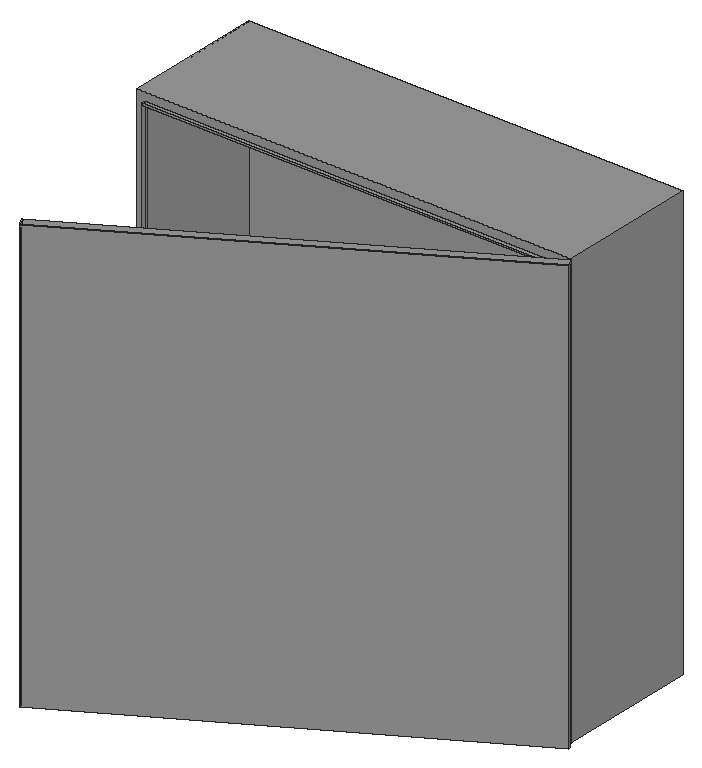
Revit family "Hager-Univers-IP55-D275-H800-Cl.II-Steel_encl-NoHosted-CH-fr", category Electrical Equipment, Revit 2020
Family settings
  Panel Configuration = Two Columns, Circuits Across
  Round Connector Dimension = Use Diameter
  Part Type = Panelboard
  Work Plane-Based = Yes
  Always vertical = Yes
  Cut with Voids When Loaded = No
  Shared = No
  Room Calculation Point = No
Parameters (values of type "saillie IP55 L800 H800 P275  - FR53S")
  Width Control [instance] = if([EF000008 - largeur] > Min Width, [EF000008 - largeur], Min Width)  # 800 mm
  Type Comments = [HG000003 - Gamme]  # "Univers"
  Thickness Door [instance] = if([EF009171 - épaisseur de matériau de la porte/du couvercle] > 3 mm, 3 mm, [EF009171 - épaisseur de matériau de la porte/du couvercle])  # 1.5 mm
  Seal Frame Offset [instance] = 17 mm  # constant formula
  Plinth Visibility [instance] = [HG000027 - Hauteur du socle] > 0 mm  # no
  Min Width [instance] = 100 mm  # constant formula
  Min Depth [instance] = (2 * [EF009170 - épaisseur de matériau du boîtier]) + 1 mm  # 4 mm
  Min Height [instance] = 100 mm  # constant formula
  Internal Frame Depth [instance] = (Door System Depth * 0.5)  # 9 mm
  Panel Name [instance] = ""  # (empty or 0)
  Model = ""
  HG000027 - Hauteur du socle = 0 mm
  HG000026 - Installation au sol = no
  HG000024 - Hauteur de la section basse = 600 mm
  HG000023 - Armoire double section = no
  HG000016 - Visibilité de la porte 3D [instance] = yes
  HG000015 - Visibilité de l'emprise de la porte [instance] = no
  HG000014 - Porte à droite [instance] = yes
  HG000013 - Porte à gauche [instance] = not([HG000014 - Porte à droite])  # no
  HG000012 - Angle de pivotement de la porte [instance] = 30.00°
  HG000010 - Portes asymétriques = no
  HG000009 - Porte à double battant = no
  HG000006 - Encastré = no
  HG000004 - Référence fabricant = "FR53S"
  HG000003 - Gamme = "Univers"
  HG000002 - avec porte = yes
  Frame Offset Bottom [instance] = 10 mm  # constant formula
  Frame Offset [instance] = 15 mm  # constant formula
  EF015940 - couvercle avec décharge de pression = no
  EF011959 - degré de protection (NEMA) = ""
  EF009554 - nombre d'ouvertures pour plaques à bride = 6
  EF009212 - finition du couvercle = "EV000116 - fermé"
  EF009171 - épaisseur de matériau de la porte/du couvercle = 1.5 mm
  EF009170 - épaisseur de matériau du boîtier = 1.5 mm
  EF008873 - courant nominal (In) = 800 A
  EF007800 - adapté à un parafoudre = no
  EF006306 - avec serrure = no
  EF006244 - couvercle/porte transparent(e) = no
  EF005474 - indice de protection (IP) = "EV006420 - IP55"
  EF004464 - type de porte = "EV002646 - unique"
  EF004427 - nombre de modules = 180
  EF004293 - indice de protection contre les chocs (IK) = "EV008784 - IK10"
  EF003532 - convient pour utilisation à l’extérieur = no
  EF002950 - largeur en nombre de modules = 24
  EF001613 - maintien de fonction = "EV000494 - sans"
  EF001596 - matériau du boîtier/corps = "EV000179 - acier"
  EF001131 - profondeur intérieure = 275 mm
  EF001088 - possibilité de montage en saillie = yes
  EF000437 - nombre d'entrées de conduit = 6
  EF000339 - type de capot = "EV004216 - porte"
  EF000266 - nombre de rangées = 5
  EF000218 - profondeur d'encastrement = 0 mm
  EF000118 - avec cadre/support de montage = no
  EF000116 - numéro RAL = "7035"
  EF000049 - profondeur = 275 mm
  EF000040 - hauteur = 800 mm
  EF000008 - largeur = 800 mm
  EF000007 - couleur = "EV000270 - gris"
  EF000003 - mode de pose = "EV000384 - saillie"
  Door System Leaf Tolerance [instance] = 1.5 mm  # constant formula
  Door System Depth [instance] = 18 mm  # constant formula
  Door Height [instance] = Height Control - [HG000027 - Hauteur du socle]  # 800 mm
  Description = ""
  Default Elevation = 1219.2 mm
  Connector Offset [instance] = Height Control / 2  # 400 mm
  Manufacturer = "Hager"  # constant formula
  Height Control [instance] = if([EF000040 - hauteur] > Min Height, [EF000040 - hauteur], Min Height)  # 800 mm
  Depth Control [instance] = if([EF000049 - profondeur] > Min Depth, [EF000049 - profondeur], Min Depth)  # 275 mm
  Bottom Top Plate Trim [instance] = 1.5 mm  # constant formula
  Plinth height Ctrl [instance] = if([HG000027 - Hauteur du socle] > 0 mm, [HG000027 - Hauteur du socle], 12 mm)  # 12 mm
Types (5, lengths in mm): name | Width Control | HG000010 - Portes asymétriques | HG000009 - Porte à double battant | HG000004 - Référence fabricant | EF009554 - nombre d'ouvertures pour plaques à bride | EF004464 - type de porte | EF004427 - nombre de modules | EF000437 - nombre d'entrées de conduit | EF000008 - largeur
  saillie IP55 L1050 H800 P275  - FR54S | 1050 | no | yes | "FR54S" | 8 | "EV003602 - double" | 240 | 8 | 1050
  saillie IP55 L1300 H800 P275  - FR55S | 1300 | yes | yes | "FR55S" | 10 | "EV003602 - double" | 300 | 10 | 1300
  saillie IP55 L300 H800 P275  - FR51S | 300 | no | no | "FR51S" | 2 | "EV002646 - unique" | 60 | 2 | 300
  saillie IP55 L550 H800 P275  - FR52S | 550 | no | no | "FR52S" | 4 | "EV002646 - unique" | 120 | 4 | 550
  saillie IP55 L800 H800 P275  - FR53S | 800 | no | no | "FR53S" | 6 | "EV002646 - unique" | 180 | 6 | 800
Reference planes
  plane 1 "Center (Front/Back)": y = 0
  plane 2: z = 0
  plane 3 "Center (Left/Right)": x = 0
  plane 4: y = 0
  plane 5: y = 0
  plane 6: z = 0
  plane 7: x = -400
  plane 8: x = 400
  plane 9: x = 398.5
  plane 10: x = -398.5
  plane 11: z = 0
  plane 12: z = 1.5
  plane 13: y = -275
  plane 14: y = -1.5
  plane 15: x = 0
  plane 16: y = -257
  plane 17: y = -273.5
  plane 18: y = -255.5
  plane 19: x = -383.5
  plane 20: x = 383.5
  plane 21: z = 11.5
  plane 22: x = -383
  plane 23: x = 383
  plane 24: z = 0
  plane 25: z = 800
  plane 26: z = 800
  plane 27: z = 783.5
  plane 28: z = 798.5
Forms (mm)
  Extrusion 1, solid, material "Hager_Steel_RAL7035_Light_Grey", detail levels medium+fine
    sketch origin (-208.679, -4572, 0) x (-1, 0, 0) y (0, -1, 0)
      loop
        line (191.321, -4315) -> (-608.679, -4315) -> (-608.679, -4572) -> (191.321, -4572) -> (191.321, -4315)
    from 0 to 800
  Extrusion 2, void
    sketch origin (-350.771, -275, 1219.2) x (1, 0, 0) y (0, 0, 1)
      loop
        line (-47.729, -420.7) -> (-47.729, -1217.7) -> (749.271, -1217.7) -> (749.271, -420.7) -> (-47.729, -420.7)
    from -19.5 to -273.5
  Extrusion 3, void
    sketch origin (-290.084, -257, 1219.2) x (1, 0, 0) y (0, 0, 1)
      loop
        line (-93.416, -1207.7) -> (673.584, -1207.7) -> (673.584, -435.7) -> (-93.416, -435.7) -> (-93.416, -1207.7)
    from 0 to -1.5
  Extrusion 4, solid, material "Hager_Steel_RAL7035_Light_Grey", visible <- "Plinth Visibility", detail levels medium+fine
    sketch origin (0, 0, 0) x (1, 0, 0) y (0, 1, 0)
      loop
        line (-400, 0) -> (-400, -257) -> (400, -257) -> (400, 0) -> (-400, 0)
    from 0 to 12 <- "Plinth height Ctrl"
  Extrusion 5, solid, material "Hager_Steel_RAL7035_Light_Grey", detail levels coarse
    sketch origin (0, 0, 0) x (1, 0, 0) y (0, 1, 0)
      loop
        line (-400, 0) -> (-400, -275) -> (400, -275) -> (400, 0) -> (-400, 0)
    from 0 to 800 <- "Height Control"
  Sweep 6, void
    path in 3D
      loop
        line (-400, -257, 12) -> (400, -257, 12) -> (400, 0, 12) -> (-400, 0, 12) -> (-400, -257, 12)
    profile origin (-400, -128.5, 12) x (1, 0, 0) y (0, 0, 1)
      loop
        line (0, 0) -> (0, -1.5) -> (1.5, -1.5)
        arc (1.5, -1.5) -> (1.061, -0.439) -> (0, 0) r 1.5
  Extrusion 7, solid, material "Hager_Steel_RAL7035_Light_Grey", detail levels fine
    sketch origin (-400, -257, 0) x (1, 0, 0) y (0, 0, 1)
      loop
        line (16.5, 11.5) -> (783.5, 11.5) -> (783.5, 783.5) -> (16.5, 783.5) -> (16.5, 11.5)
      loop
        line (15, 10) -> (785, 10) -> (785, 785) -> (15, 785) -> (15, 10)
    from 0 to 9 <- "Internal Frame Depth"
Cuts and joins
  Extrusion 2, Extrusion 3 cuts Extrusion 1
  Sweep 6 cuts Extrusion 4
Lines and regions (mm)
  Masking region 1
    outline origin (0, 0, 0) x (1, 0, 0) y (0, 1, 0)
      loop
        line (-400, 0) -> (-400, -275) -> (400, -275) -> (400, 0) -> (-400, 0)
  Masking region 2, detail levels coarse
    outline origin (-290.084, -257, 1219.2) x (-1, 0, 0) y (0, 0, 1)
      loop
        line (-690.084, -1219.2) -> (109.916, -1219.2) -> (109.916, -419.2) -> (-690.084, -419.2) -> (-690.084, -1219.2)
  Masking region 3, detail levels coarse
    outline origin (0, 0, 0) x (0, 1, 0) y (0, 0, 1)
      loop
        line (0, 0) -> (0, 800) -> (-275, 800) -> (-275, 0) -> (0, 0)
  Masking region 4, visible <- "Plinth Visibility", detail levels medium+fine
    outline origin (0, 0, 0) x (0, 1, 0) y (0, 0, 1)
      loop
        line (-1.5, 12) -> (-255.5, 12)
        arc (-255.5, 12) -> (-255.939, 10.939) -> (-257, 10.5) r 1.5
        line (-257, 10.5) -> (-257, 0) -> (0, 0) -> (0, 10.5)
        arc (0, 10.5) -> (-1.061, 10.939) -> (-1.5, 12) r 1.5
  Masking region 5, detail levels medium+fine
    outline origin (0, 0, 594.038) x (0, 1, 0) y (0, 0, 1)
      loop
        line (0, -594.038) -> (0, 205.962) -> (-257, 205.962) -> (-257, -594.038) -> (0, -594.038)
  Masking region 6, detail levels medium+fine
    outline origin (-359.7, -257, 1211.883) x (-1, 0, 0) y (0, 0, 1)
      loop
        line (-759.7, -1211.883) -> (40.3, -1211.883) -> (40.3, -411.883) -> (-759.7, -411.883) -> (-759.7, -1211.883)
  Masking region 7, visible <- "Plinth Visibility", detail levels medium+fine
    outline origin (-320.334, -257, 1041.368) x (-1, 0, 0) y (0, 0, 1)
      loop
        line (-720.334, -1041.368) -> (79.666, -1041.368) -> (79.666, -1030.868)
        arc (79.666, -1030.868) -> (78.606, -1030.429) -> (78.166, -1029.368) r 1.5
        line (78.166, -1029.368) -> (-718.834, -1029.368)
        arc (-718.834, -1029.368) -> (-719.273, -1030.429) -> (-720.334, -1030.868) r 1.5
        line (-720.334, -1030.868) -> (-720.334, -1041.368)
  sketch lines
    curve 1: line (-400, 0, 12) -> (-400, -257, 12)
    curve 2: line (-400, -257, 12) -> (400, -257, 12)
    curve 3: line (400, 0, 12) -> (-400, 0, 12)
    curve 4: line (400, -257, 12) -> (400, 0, 12)
Dimensions and locks
  locked: plane 1 "Center (Front/Back)" to plane 5
  "EF009170 - épaisseur de matériau du boîtier": plane 7 to plane 10
  "EF009170 - épaisseur de matériau du boîtier": plane 8 to plane 9
  equal spacing: plane 7, plane 3 "Center (Left/Right)", plane 8
  "Width Control": plane 7 to plane 8
  "Depth Control": plane 4 to plane 13
  "EF009170 - épaisseur de matériau du boîtier": plane 4 to plane 14
  "Height Control": plane 25 to level
  "HG000027 - Hauteur du socle": plane 11 to level
  "EF009170 - épaisseur de matériau du boîtier": plane 12 to plane 11
  "EF009170 - épaisseur de matériau du boîtier": plane 17 to plane 13
  "EF009170 - épaisseur de matériau du boîtier": plane 18 to plane 16
  "Frame Offset Bottom": plane 21 to plane 12
  "Frame Offset": plane 10 to plane 19
  "Frame Offset": plane 9 to plane 20
  "Door System Depth": plane 16 to plane 13
  "Seal Frame Offset": plane 7 to plane 22
  "Seal Frame Offset": plane 8 to plane 23
  "EF009170 - épaisseur de matériau du boîtier": plane 26 to plane 28
  "Frame Offset": plane 28 to plane 27
  "Connector Offset": plane 2 to connector elem
  "Bottom Top Plate Trim": profile plane to Sweep 6 sketch curve
  "Bottom Top Plate Trim": Sweep 6 sketch curve to Sweep 6 sketch curve
  "Plinth height Ctrl": Masking region 4 sketch curve to level
  "Plinth height Ctrl": Masking region 7 sketch curve to level
  "Thickness Door": Extrusion 7 sketch curve to Extrusion 7 sketch curve  (x4)
  "Bottom Top Plate Trim": radius of Sweep 6 sketch curve
  "Bottom Top Plate Trim": radius of Masking region 4 sketch curve  (x2)
  "Bottom Top Plate Trim": radius of Masking region 7 sketch curve  (x2)
  aligned and locked: Extrusion 2 sketch curve to plane 12
  aligned and locked: Extrusion 2 sketch curve to plane 9
  aligned and locked: Extrusion 2 sketch curve to plane 10
  aligned and locked: Extrusion 2 to plane 14
  aligned and locked: Extrusion 1 sketch curve to plane 4
  aligned and locked: plane 8 to Extrusion 1 sketch curve
  aligned and locked: plane 7 to Extrusion 1 sketch curve
  aligned and locked: Extrusion 2 to plane 18
  aligned and locked: Extrusion 3 sketch curve to plane 19
  aligned and locked: plane 20 to Extrusion 3 sketch curve
  aligned and locked: Extrusion 3 to Extrusion 2
  aligned and locked: Extrusion 3 sketch curve to plane 21
  aligned and locked: plane 3 "Center (Left/Right)" to nested 1
  aligned and locked: Extrusion 1 sketch curve to plane 16
  aligned and locked: Extrusion 4 sketch curve to cut or joined group of Extrusion 1, Extrusion 2, Extrusion 3
  aligned and locked: Masking region 1 sketch curve to plane 7
  aligned and locked: Masking region 1 sketch curve to plane 5
  aligned and locked: Masking region 1 sketch curve to plane 8
  aligned and locked: Masking region 2 sketch curve to level
  aligned and locked: level to Masking region 3 sketch curve
  aligned and locked: plane 1 "Center (Front/Back)" to Masking region 3 sketch curve
  aligned and locked: plane 13 to Masking region 3 sketch curve
  aligned and locked: plane 5 to Masking region 4 sketch curve
  aligned and locked: Masking region 2 sketch curve to plane 8
  aligned and locked: Masking region 2 sketch curve to plane 7
  aligned and locked: plane 7 to nested 2
  aligned and locked: nested 2 to plane 5
  aligned and locked: plane 5 to Masking region 5 sketch curve
  aligned and locked: plane 26 to Masking region 5 sketch curve
  aligned and locked: Extrusion 5 sketch curve to plane 8
  aligned and locked: Extrusion 5 sketch curve to plane 7
  aligned and locked: Extrusion 5 sketch curve to plane 5
  aligned and locked: Extrusion 3 sketch curve to plane 27
  aligned and locked: Extrusion 2 sketch curve to plane 28
  aligned and locked: Masking region 2 to plane 25
  aligned and locked: Extrusion 4 to plane 16
  aligned and locked: profile plane to Sweep 6 sketch curve
  aligned and locked: Masking region 5 sketch curve to plane 24
  aligned and locked: level to Masking region 4 sketch curve
  aligned and locked: Masking region 1 to plane 13
  aligned and locked: nested 1 to plane 16
  aligned and locked: Masking region 3 to plane 25
  aligned and locked: plane 16 to Masking region 4 sketch curve
  aligned and locked: Masking region 5 sketch curve to plane 16
  aligned and locked: plane 24 to plane 11
  aligned and locked: plane 26 to plane 25
  aligned and locked: plane 26 to cut or joined group of Extrusion 1, Extrusion 2, Extrusion 3
  aligned and locked: nested 1 to plane 24
  aligned and locked: Extrusion 1 to Extrusion 3
  aligned and locked: Masking region 6 sketch curve to plane 8
  aligned and locked: Masking region 6 sketch curve to plane 24
  aligned and locked: Masking region 6 sketch curve to plane 7
  aligned and locked: Masking region 6 sketch curve to plane 26
  aligned and locked: Masking region 7 sketch curve to plane 7
  aligned and locked: level to Masking region 7 sketch curve
  aligned and locked: Masking region 7 sketch curve to plane 8
  aligned and locked: Extrusion 7 sketch curve to cut or joined group of Extrusion 1, Extrusion 2, Extrusion 3  (x4)
Automatic sketch dimensions
  plane 19 to Extrusion 3 sketch curve = 0 mm
  Extrusion 3 sketch curve to plane 20 = 0 mm
  Extrusion 3 sketch curve to plane 21 = 0 mm
  Extrusion 4 sketch curve to plane 7 = 0 mm
  Extrusion 4 sketch curve to plane 8 = 0 mm
  Extrusion 4 sketch curve to plane 16 = 0 mm
  Masking region 1 sketch curve to plane 13 = 0 mm
  Masking region 2 sketch curve to plane 25 = 0 mm
  Masking region 3 sketch curve to plane 25 = 0 mm
  Extrusion 5 sketch curve to plane 13 = 0 mm
  profile plane to Sweep 6 sketch curve = 0 mm
Nested families
  nested 1: "EC000058_Univers_Door" at (0, -257, 0), Double <- "HG000009 - Porte à double battant", Transparent <- "EF006244 - couvercle/porte transparent(e)", Angle <- "HG000012 - Angle de pivotement de la porte", Door_Right <- "HG000014 - Porte à droite", Assymetrical <- "HG000010 - Portes asymétriques", Door <- "HG000002 - avec porte", Width_Ctrl <- "Width Control", 3d_Door <- "HG000016 - Visibilité de la porte 3D", Clearance <- "HG000015 - Visibilité de l'emprise de la porte", Door_Left <- "HG000013 - Porte à gauche", Width <- "Width Control", Door_Depth <- "Door System Depth", Leaf_Tolerance <- "Door System Leaf Tolerance", Height <- "Door Height", Lock_Visibility <- "EF006306 - avec serrure", Thickness <- "Thickness Door", type "EC000058_Univers_Door", detail levels medium+fine
    with min_wh 4 mm, Width_Ctrl 800 mm, Width 800 mm, Transparent no, Thickness 1.5 mm, Seal_Material Hager_Rubber, Lock_Visibility no, Lock_Material Hager_Plastic_RAL9005_Jet_Black, Leaf_Width 800 mm, Leaf_Tolerance_External_Sides 0 mm, Leaf_Tolerance 1.5 mm, Leaf_Offset 0 mm, Leaf_Height 797 mm, Leaf_2_Width 800 mm, Leaf_2_Offset 400 mm, Leaf_1_Width 800 mm, Leaf_1_Offset 400 mm, Height_Ctrl 800 mm, Height 800 mm, Glass_Material Hager_Glass, Double_Clearance_Ctrl no, Double no, Door_Right_Ctrl yes, Door_Right yes, Door_Material Hager_Steel_RAL7035_Light_Grey, Door_Left_Ctrl no, Door_Left no, Door_Depth 18 mm, Door yes, Clearance_Material Hager_Clearance, Clearance_Depth 800 mm, Clearance_Ctrl no, Clearance no, Assymetrical no, Angle 30.00°, 3d_Door yes
  nested 2: "Hager_Enclosure_Symbol" at (-400, 0, 0), Height <- "Depth Control", Width <- "Width Control", type "Hager_Enclosure_Symbol"
    with Width_Ctrl 800 mm, Width 800 mm, Height_Ctrl 275 mm, Height 275 mm, A_Width_Int 18.047 mm, A_Width 216.562 mm, A_Height_Ctrl 240.625 mm, A_Height 240.625 mm
Connectors
  electrical at (0, 0, 400)
    settings: on plane 1 "Center (Front/Back)", index 1, voltage 0 V, apparent load 0 VA, apparent load phase1 0 VA, apparent load phase2 0 VA, apparent load phase3 0 VA, power factor 1, load classification "Other", number of poles 1, system type 30, power factor state 1, is connector primary yes, connector utility no, sub classification motor no, connector description ""
Definition of nested family "EC000058_Univers_Door"
  Parameters (values of type "EC000058_Univers_Door")
    min_wh [instance] = (2 * Thickness) + 1 mm  # 11 mm
    Width_Ctrl [instance] = 400 mm
    Width [instance] = 500 mm
    Transparent [instance] = yes
    Thickness [instance] = 5 mm
    Seal_Material [instance] = none
    Lock_Visibility [instance] = yes
    Lock_Material [instance] = none
    Leaf_Width [instance] = if((Width_Ctrl - 2 * Leaf_Tolerance_External_Sides) > 0 mm, (Width_Ctrl - 2 * Leaf_Tolerance_External_Sides), min_wh)  # 400 mm
    Leaf_Tolerance_External_Sides [instance] = 0 mm  # constant formula
    Leaf_Tolerance [instance] = 1.5 mm
    Leaf_Offset [instance] = 0 mm  # constant formula
    Leaf_Height [instance] = if((Height_Ctrl - 2 * Leaf_Tolerance) > 0 mm, (Height_Ctrl - 2 * Leaf_Tolerance), min_wh)  # 497 mm
    Leaf_2_Width [instance] = if(and(and(Double, Assymetrical), Door_Left), (Leaf_Width / 3) - (Leaf_Tolerance / 2), if(and(and(Double, Assymetrical), Door_Right), (Leaf_Width / 3) * 2 - (Leaf_Tolerance / 2), if(and(Double, not(Assymetrical)), (Leaf_Width / 2) - Leaf_Tolerance, Leaf_Width)))  # 400 mm
    Leaf_2_Offset [instance] = if(and(Double, Assymetrical), Leaf_2_Width / 2, if(and(Double, not(Assymetrical)), Leaf_Width / 4, Leaf_Width / 2))  # 200 mm
    Leaf_1_Width [instance] = if(and(and(Double, Assymetrical), Door_Right), (Leaf_Width / 3) - (Leaf_Tolerance / 2), if(and(and(Double, Assymetrical), Door_Left), (Width / 3) * 2 - (Leaf_Tolerance / 2), if(and(Double, not(Assymetrical)), (Leaf_Width / 2) - Leaf_Tolerance, Leaf_Width)))  # 400 mm
    Leaf_1_Offset [instance] = if(and(Double, Assymetrical), Leaf_1_Width / 2, if(and(Double, not(Assymetrical)), Leaf_Width / 4, Leaf_Width / 2))  # 200 mm
    Height_Ctrl [instance] = if(Height > min_wh, Height, min_wh)  # 500 mm
    Height [instance] = 500 mm
    Glass_Material [instance] = none
    Double_Clearance_Ctrl [instance] = and(Double, Clearance)  # no
    Double [instance] = no
    Door_Right_Ctrl [instance] = and(or(Door_Right, Double), Door)  # yes
    Door_Right [instance] = yes
    Door_Material [instance] = none
    Door_Left_Ctrl [instance] = and(or(Door_Left, Double), Door)  # no
    Door_Left [instance] = no
    Door_Depth [instance] = 30 mm
    Door [instance] = yes
    Default Elevation = 1219.2 mm
    Clearance_Material [instance] = none
    Clearance_Depth [instance] = if(Leaf_1_Width > Leaf_2_Width, Leaf_1_Width, Leaf_2_Width)  # 400 mm
    Clearance_Ctrl [instance] = and(not(Double), Clearance)  # yes
    Clearance [instance] = yes
    Assymetrical [instance] = yes
    Angle [instance] = 30.00°
    3d_Door [instance] = yes
  Reference planes
    plane 1 "Center (Front/Back)": y = 0
    plane 2 "Bottom": z = 0
    plane 3 "Center (Left/Right)": x = 0
    plane 4: z = 500
    plane 5: x = -200
    plane 6: x = 200
    plane 7: z = 500
    plane 8: x = -200
    plane 9: z = 0
    plane 10: x = 200
    plane 11: y = 0
    plane 12: z = 1.5
    plane 13: x = -600
    plane 14: y = -400
    plane 15: x = 600
    plane 16: x = 0
    plane 17: x = 0
    plane 18: x = -200
    plane 19: x = 200
    plane 20: z = 498.5
  Forms (mm)
    Extrusion 1, solid, material <- "Clearance_Material", visible <- "Double_Clearance_Ctrl"
      sketch origin (1200, 0, 0) x (1, 0, 0) y (0, 0, -1)
        loop
          line (-1800, -498.5) -> (-600, -498.5) -> (-600, 0) -> (-1800, 0) -> (-1800, -498.5)
      from 0 to -400
  Dimensions and locks
    equal spacing: plane 5, plane 3 "Center (Left/Right)", plane 6
    "Width_Ctrl": plane 5 to plane 6
    "Leaf_Offset": plane 5 to plane 8
    "Leaf_Offset": plane 6 to plane 10
    "Leaf_Offset": plane 9 to level
    "Leaf_Offset": plane 4 to plane 7
    "Height_Ctrl": plane 4 to level
    "Leaf_Tolerance": plane 12 to plane 9
    locked: plane 11 to plane 1 "Center (Front/Back)"
    "Leaf_1_Offset": plane 18 to plane 16
    "Leaf_2_Offset": plane 17 to plane 19
    "Leaf_1_Width": plane 13 to plane 8
    "Leaf_2_Width": plane 10 to plane 15
    "Clearance_Depth": plane 14 to plane 1 "Center (Front/Back)"
    "Leaf_Tolerance_External_Sides": plane 8 to plane 18
    "Leaf_Tolerance_External_Sides": plane 19 to plane 10
    "Leaf_Tolerance": plane 7 to plane 20
    aligned and locked: level to plane 2 "Bottom"
    aligned and locked: nested 1 to plane 16
    aligned and locked: nested 2 to plane 17
    aligned and locked: Extrusion 1 to plane 13
    aligned and locked: plane 15 to Extrusion 1
    aligned and locked: Extrusion 1 to plane 14
    aligned and locked: plane 12 to nested 1
    aligned and locked: nested 2 to plane 12
    aligned and locked: Extrusion 1 to plane 11
    aligned and locked: plane 20 to Extrusion 1
    aligned and locked: nested 2 to plane 11
    aligned and locked: nested 1 to plane 11
  Automatic sketch dimensions
    Extrusion 1 sketch curve to level = 0 mm
    plane 5 to Extrusion 1 sketch curve = 400 mm
    plane 6 to Extrusion 1 sketch curve = 400 mm
    Extrusion 1 sketch curve to plane 4 = 1.5 mm
  Nested families
    nested 1: "EC000058_Univers_Door_Leaf" at (0, 0, 1.5), Width <- "Leaf_1_Width", visible <- "Door_Left_Ctrl", Leaf_Height <- "Leaf_Height", Angle <- "Angle", 3d_Door <- "3d_Door", Transparent <- "Transparent", Clearance Material <- "Clearance_Material", Clearance <- "Clearance_Ctrl", Door_Material <- "Door_Material", Glass_Material <- "Glass_Material", Door_Depth <- "Door_Depth", Lock_Material <- "Lock_Material", Seal_Material <- "Seal_Material", Lock_Visibility <- "Lock_Visibility", Thickness <- "Thickness", type "EC000058_Univers_Door_Leaf"
      with Width 400 mm, Transparent_Glass_Offset 30 mm, Transparent_Ctrl yes, Transparent yes, Thickness 5 mm, Standard no, Seal_Material none, Seal_D2 8 mm, Seal_D1 1 mm, Offset_Internal_Frame 10 mm, Lock_Width 20 mm, Lock_Visibility_3d yes, Lock_Visibility yes, Lock_Thickness_3 3 mm, Lock_Thickness_2 1 mm, Lock_Thickness_1 3 mm, Lock_Radius_Offset_2 16 mm, Lock_Radius_Offset_1 15 mm, Lock_Radius_2 5 mm, Lock_Radius 6 mm, Lock_Offset 5 mm, Lock_Material none, Lock_Height 80 mm, Lock_Cover_Top_Offset_2d 17 mm, Lock_Cover_Height -65 mm, Leaf_Height 497 mm, Internal_Seal_Thickness 8 mm, Internal_Seal_Depth_2 4.5 mm, Internal_Frame_Depth 25 mm, Glass_Thickness -1 mm, Glass_Offset -2 mm, Glass_Material none, Door_Material none, Door_Depth 30 mm, Clearance Material none, Clearance yes, Angle_Ctrl 30.00°, Angle 30.00°, 3d_Door yes
    nested 2: "EC000058_Univers_Door_Leaf" at (0, 0, 1.5) x (-1, 0, 0) z (0, 0, 1), Width <- "Leaf_2_Width", visible <- "Door_Right_Ctrl", Leaf_Height <- "Leaf_Height", Angle <- "Angle", 3d_Door <- "3d_Door", Transparent <- "Transparent", Clearance Material <- "Clearance_Material", Clearance <- "Clearance_Ctrl", Door_Material <- "Door_Material", Glass_Material <- "Glass_Material", Door_Depth <- "Door_Depth", Lock_Material <- "Lock_Material", Seal_Material <- "Seal_Material", Lock_Visibility <- "Lock_Visibility", Thickness <- "Thickness", type "EC000058_Univers_Door_Leaf"
      with Width 400 mm, Transparent_Glass_Offset 30 mm, Transparent_Ctrl yes, Transparent yes, Thickness 5 mm, Standard no, Seal_Material none, Seal_D2 8 mm, Seal_D1 1 mm, Offset_Internal_Frame 10 mm, Lock_Width 20 mm, Lock_Visibility_3d yes, Lock_Visibility yes, Lock_Thickness_3 3 mm, Lock_Thickness_2 1 mm, Lock_Thickness_1 3 mm, Lock_Radius_Offset_2 16 mm, Lock_Radius_Offset_1 15 mm, Lock_Radius_2 5 mm, Lock_Radius 6 mm, Lock_Offset 5 mm, Lock_Material none, Lock_Height 80 mm, Lock_Cover_Top_Offset_2d 17 mm, Lock_Cover_Height -65 mm, Leaf_Height 497 mm, Internal_Seal_Thickness 8 mm, Internal_Seal_Depth_2 4.5 mm, Internal_Frame_Depth 25 mm, Glass_Thickness -1 mm, Glass_Offset -2 mm, Glass_Material none, Door_Material none, Door_Depth 30 mm, Clearance Material none, Clearance yes, Angle_Ctrl 30.00°, Angle 30.00°, 3d_Door yes
  Definition of nested family "EC000058_Univers_Door_Leaf"
    Parameters (values of type "EC000058_Univers_Door_Leaf")
      Width [instance] = 2000 mm
      Transparent_Glass_Offset [instance] = 30 mm
      Transparent_Ctrl [instance] = and(Transparent, [3d_Door])  # yes
      Transparent [instance] = yes
      Thickness [instance] = 5 mm
      Standard [instance] = and(not(Transparent), [3d_Door])  # no
      Seal_Material [instance] = none
      Seal_D2 [instance] = 8 mm  # constant formula
      Seal_D1 [instance] = 1 mm  # constant formula
      Offset_Internal_Frame [instance] = 10 mm  # constant formula
      Lock_Width [instance] = 20 mm  # constant formula
      Lock_Visibility_3d [instance] = and(Lock_Visibility, [3d_Door])  # yes
      Lock_Visibility [instance] = yes
      Lock_Thickness_3 [instance] = 3 mm  # constant formula
      Lock_Thickness_2 [instance] = 1 mm  # constant formula
      Lock_Thickness_1 [instance] = 3 mm  # constant formula
      Lock_Radius_Offset_2 [instance] = Lock_Radius_Offset_1 + 1 mm  # 16 mm
      Lock_Radius_Offset_1 [instance] = 15 mm  # constant formula
      Lock_Radius_2 [instance] = Lock_Radius - 1 mm  # 5 mm
      Lock_Radius [instance] = 6 mm  # constant formula
      Lock_Offset [instance] = 5 mm  # constant formula
      Lock_Material [instance] = none
      Lock_Height [instance] = 80 mm  # constant formula
      Lock_Cover_Top_Offset_2d [instance] = Lock_Radius_Offset_2 + 1 mm  # 17 mm
      Lock_Cover_Height [instance] = -(Lock_Height - Lock_Radius_Offset_1)  # -65 mm
      Leaf_Height [instance] = 2720.336 mm
      Internal_Seal_Thickness [instance] = 8 mm  # constant formula
      Internal_Seal_Depth_2 [instance] = 4.5 mm  # constant formula
      Internal_Frame_Depth [instance] = if(Door_Depth - Thickness > 5 mm, Door_Depth - Thickness, 5 mm)  # 25 mm
      Glass_Thickness [instance] = if(Thickness > 15 mm, Glass_Offset + 10 mm, -1 mm)  # -1 mm
      Glass_Offset [instance] = if(Thickness > 15 mm, -(Thickness + 10 mm) / 2, -2 mm)  # -2 mm
      Glass_Material [instance] = none
      Door_Material [instance] = none
      Door_Depth [instance] = 30 mm
      Default Elevation = 0 mm
      Clearance Material [instance] = none
      Clearance [instance] = yes
      Angle_Ctrl [instance] = if(Angle > 180.00°, 180.00°, Angle)  # 90.00°
      Angle [instance] = 90.00°
      3d_Door [instance] = yes
    Reference planes
      plane 1 "Center (Front/Back)": y = 0
      plane 2: z = 0
      plane 3 "Center (Left/Right)": x = 0
      plane 4: y = 2000
      plane 5: x = -1000
      plane 6: x = 1000
      plane 7: x = -3000
      plane 8: z = 2720.336
      plane 9: z = 30
      plane 10: z = 2690.336
      plane 11: x = 970
      plane 12: x = -970
      plane 13: y = -3
      plane 14: z = 107.833
      plane 15: y = -5
      plane 16: y = -223.314
      plane 17: x = -1000
      plane 18: z = 1360.168
      plane 19: y = 30
    Forms (mm)
      Extrusion 1, solid, material <- "Clearance Material", visible <- "Clearance"
        sketch origin (0, 0, 0) x (1, 0, 0) y (0, 0, 1)
          loop
            line (-3000, 2720.336) -> (-3000, 0) -> (1000, 0) -> (1000, 2720.336) -> (-3000, 2720.336)
        from 0 to -2000
      Extrusion 2, solid, material <- "Door_Material", visible <- "Standard", detail levels medium+fine
        sketch origin (-1000, 0, 0) x (0, 1, 0) y (-1, 0, 0)
          loop
            line (0, 30) -> (0, 25) -> (2000, 25) -> (2000, 30) -> (0, 30)
        from 0 to 2720.336 <- "Leaf_Height"
      Extrusion 3, solid, material <- "Door_Material", visible <- "Transparent_Ctrl", detail levels medium+fine
        sketch origin (-1000, 0, 0) x (0, 1, 0) y (-1, 0, 0)
          loop
            line (0, 25) -> (2000, 25) -> (2000, 30) -> (0, 30) -> (0, 25)
        from 0 to 2720.336 <- "Leaf_Height"
      Extrusion 4, void
        sketch origin (-1025, 2000, 0) x (0, 1, 0) y (0, 0, -1)
          loop
            line (-30, -2690.336) -> (-30, -30) -> (-1970, -30) -> (-1970, -2690.336) -> (-30, -2690.336)
        from 0 to 5 <- "Thickness"
      Sweep 5, solid, material <- "Seal_Material", visible <- "Transparent_Ctrl", detail levels fine
        path in 3D
          loop
            line (-1025, 30, 30) -> (-1025, 30, 2690.336) -> (-1025, 1970, 2690.336) -> (-1025, 1970, 30) -> (-1025, 30, 30)
        profile origin (-1025, 1000, 30) x (1, 0, 0) y (0, 0, 1)
          loop
            line (0, 0) -> (0, -8) -> (1, -8) -> (1, 0) -> (0, 0)
      Extrusion 6, solid, material <- "Glass_Material", visible <- "Transparent_Ctrl", detail levels medium+fine
        sketch origin (-1030, 0, 0) x (0, 1, 0) y (0, 0, -1)
          loop
            line (1970, -2690.336) -> (1970, -30) -> (30, -30) -> (30, -2690.336) -> (1970, -2690.336)
        from -2 <- "Glass_Offset" to -1 <- "Glass_Thickness"
      Extrusion 7, solid, material <- "Door_Material", visible <- "3d_Door", detail levels medium+fine
        sketch origin (-1025, 2000, 0) x (0, -1, 0) y (0, 0, -1)
          loop
            line (0, -2720.336) -> (2000, -2720.336) -> (2000, 0) -> (0, 0) -> (0, -2720.336)
          loop
            line (1995, -5) -> (5, -5) -> (5, -2715.336) -> (1995, -2715.336) -> (1995, -5)
        from 0 to 25 <- "Internal_Frame_Depth"
      Sweep 8, solid, material <- "Seal_Material", visible <- "Transparent_Ctrl", detail levels fine
        path in 3D
          loop
            line (-1025, 0, 0) -> (-1025, 2000, 0) -> (-1025, 2000, 2720.336) -> (-1025, 0, 2720.336) -> (-1025, 0, 0)
        profile origin (-1025, 0, 1360.168) x (1, 0, 0) y (0, 1, 0)
          loop
            line (0, 10) -> (2.975, 10)
            arc (2.975, 10) -> (4.053, 10.447) -> (4.5, 11.525) r 1.525
            line (4.5, 11.525) -> (4.5, 16.527)
            arc (4.5, 16.527) -> (4.069, 17.569) -> (3.027, 18) r 1.473
            line (3.027, 18) -> (0, 18) -> (0, 10)
      Extrusion 9, solid, material <- "Lock_Material", visible <- "Lock_Visibility_3d", detail levels fine
        sketch origin (-1030, 0, 0) x (0, 1, 0) y (0, 0, -1)
          loop
            arc (1993.5, -1400.168) -> (1994.561, -1399.729) -> (1995, -1398.668) r 1.5
            line (1995, -1398.668) -> (1995, -1320.168) -> (1975, -1320.168) -> (1975, -1398.668)
            arc (1975, -1398.668) -> (1975.439, -1399.729) -> (1976.5, -1400.168) r 1.5
            line (1976.5, -1400.168) -> (1993.5, -1400.168)
        from 3 <- "Lock_Thickness_1" to 0
      Blend 10, solid, material <- "Lock_Material", visible <- "Lock_Visibility_3d", detail levels fine
        base sketch origin (-1033, 0, 0) x (0, 1, 0) y (0, 0, -1)
          loop
            line (1975, -1320.168) -> (1975, -1398.668)
            arc (1975, -1398.668) -> (1975.439, -1399.729) -> (1976.5, -1400.168) r 1.5
            line (1976.5, -1400.168) -> (1993.5, -1400.168)
            arc (1993.5, -1400.168) -> (1994.561, -1399.729) -> (1995, -1398.668) r 1.5
            line (1995, -1398.668) -> (1995, -1320.168) -> (1975, -1320.168)
        top sketch origin (-1033, 0, 0) x (0, 1, 0) y (0, 0, -1)
          loop
            line (1976, -1320.168) -> (1976, -1398.668)
            arc (1976, -1398.668) -> (1976.146, -1399.022) -> (1976.5, -1399.168) r 0.5
            line (1976.5, -1399.168) -> (1993.5, -1399.168)
            arc (1993.5, -1399.168) -> (1993.854, -1399.022) -> (1994, -1398.668) r 0.5
            line (1994, -1398.668) -> (1994, -1320.168) -> (1976, -1320.168)
        from 0 to 1 <- "Lock_Thickness_2"
      Blend 11, solid, material <- "Lock_Material", visible <- "Lock_Visibility_3d", detail levels fine
        base sketch origin (-1034, 0, 0) x (0, 1, 0) y (0, 0, -1)
          loop
            line (1978, -1320.168) -> (1978, -1384.168)
            arc (1978, -1384.168) -> (1985, -1391.168) -> (1992, -1384.168) r 7
            line (1992, -1384.168) -> (1992, -1320.168) -> (1978, -1320.168)
        top sketch origin (-1034, 0, 0) x (0, 1, 0) y (0, 0, -1)
          loop
            line (1991, -1320.168) -> (1979, -1320.168) -> (1979, -1383.168)
            arc (1979, -1383.168) -> (1985, -1389.168) -> (1991, -1383.168) r 6
            line (1991, -1383.168) -> (1991, -1320.168)
        from 0 to 3 <- "Lock_Thickness_3"
      Extrusion 12, solid, material <- "Lock_Material", visible <- "Lock_Visibility_3d", detail levels fine
        sketch origin (-1030, 1975, 1320.168) x (1, 0, 0) y (0, -1, 0)
          loop
            line (-7, -19) -> (-7, -1) -> (0, -1) -> (0, 0) -> (-8, 0) -> (-8, -20) -> (0, -20) -> (0, -19) -> (-7, -19)
        from 0 to -65 <- "Lock_Cover_Height"
      Extrusion 13, void
        sketch origin (-1038, 1995, 1320.168) x (-1, 0, 0) y (0, 0, -1)
          loop
            line (-5, -65) -> (0, -65) -> (-5, -60) -> (-5, -65)
        from 0 to 20 <- "Lock_Width"
      Extrusion 14, void
        sketch origin (-1038, 1975, 1320.168) x (0, -1, 0) y (0, 0, -1)
          loop
            circle (-10, -15.995) r 6
          loop
            circle (-10, -15.995) r 5
        from 0 to 2
      Extrusion 15, solid, material <- "Lock_Material", visible <- "Lock_Visibility_3d", detail levels medium
        sketch origin (-1030, 0, 0) x (0, 1, 0) y (0, 0, -1)
          loop
            arc (1993.5, -1400.168) -> (1994.561, -1399.729) -> (1995, -1398.668) r 1.5
            line (1995, -1398.668) -> (1995, -1320.168) -> (1975, -1320.168) -> (1975, -1398.668)
            arc (1975, -1398.668) -> (1975.439, -1399.729) -> (1976.5, -1400.168) r 1.5
            line (1976.5, -1400.168) -> (1993.5, -1400.168)
        from 8 to 0
    Cuts and joins
      Extrusion 4 cuts Extrusion 3
      Extrusion 13, Extrusion 14 cuts Extrusion 9
      Extrusion 14 cuts Blend 11
      Extrusion 13, Extrusion 14 cuts Extrusion 12
      joined: Extrusion 9, Blend 10, Blend 11, Extrusion 12
      Extrusion 14 cuts Extrusion 15
    Lines and regions (mm)
      Masking region 1, visible <- "Lock_Visibility", detail levels fine
        outline origin (0, 0, 0) x (0, 1, 0) y (0, 0, 1)
          loop
            line (30, 1320.168) -> (33, 1320.168) -> (33, 1400.168) -> (30, 1400.168) -> (30, 1320.168)
      Masking region 2, visible <- "Lock_Visibility", detail levels fine
        outline origin (0, 3.143, 0) x (0, 1, 0) y (0, 0, 1)
          loop
            line (29.857, 1354.168) -> (30.857, 1354.168) -> (30.857, 1366.168) -> (29.857, 1366.168) -> (29.857, 1354.168)
      Masking region 3, detail levels medium+fine
        outline origin (0, 0, 0) x (0, 1, 0) y (0, 0, 1)
          loop
            line (0, 0) -> (30, 0) -> (30, 2720.336) -> (0, 2720.336) -> (0, 0)
      Masking region 4, detail levels medium+fine
        outline origin (0, 0, 0) x (1, 0, 0) y (0, 0, 1)
          loop
            line (-1000, 2720.336) -> (-1000, 0) -> (1000, 0) -> (1000, 2720.336) -> (-1000, 2720.336)
      Masking region 5, visible <- "Lock_Visibility", detail levels fine
        outline origin (-47.116, 0, 0) x (1, 0, 0) y (0, 0, 1)
          loop
            arc (1024.616, 1399.168) -> (1023.556, 1398.729) -> (1023.116, 1397.668) r 1.5
            line (1023.116, 1397.668) -> (1023.116, 1320.168) -> (1041.116, 1320.168) -> (1041.116, 1397.668)
            arc (1041.116, 1397.668) -> (1040.677, 1398.729) -> (1039.616, 1399.168) r 1.5
            line (1039.616, 1399.168) -> (1024.616, 1399.168)
      Masking region 6, visible <- "Lock_Visibility", detail levels medium+fine
        outline origin (-25, 0, 0) x (1, 0, 0) y (0, 0, 1)
          loop
            arc (1001.5, 1400.168) -> (1000.439, 1399.729) -> (1000, 1398.668) r 1.5
            line (1000, 1398.668) -> (1000, 1320.168) -> (1020, 1320.168) -> (1020, 1398.668)
            arc (1020, 1398.668) -> (1019.561, 1399.729) -> (1018.5, 1400.168) r 1.5
            line (1018.5, 1400.168) -> (1001.5, 1400.168)
      Masking region 7, visible <- "Lock_Visibility", detail levels fine
        outline origin (-73.735, 0, 0) x (1, 0, 0) y (0, 0, 1)
          loop
            line (1051.735, 1382.168) -> (1065.735, 1382.168) -> (1065.735, 1384.168)
            arc (1065.735, 1384.168) -> (1058.735, 1391.168) -> (1051.735, 1384.168) r 7
            line (1051.735, 1384.168) -> (1051.735, 1382.168)
      Masking region 8, visible <- "Lock_Visibility", detail levels fine
        outline origin (-73.735, 0, 0) x (1, 0, 0) y (0, 0, 1)
          loop
            line (1052.735, 1382.168) -> (1064.735, 1382.168) -> (1064.735, 1383.168)
            arc (1064.735, 1383.168) -> (1058.735, 1389.168) -> (1052.735, 1383.168) r 6
            line (1052.735, 1383.168) -> (1052.735, 1382.168)
      Masking region 9, visible <- "Lock_Visibility", detail levels fine
        outline origin (-25, 0, 0) x (1, 0, 0) y (0, 0, 1)
          loop
            line (1020, 1320.168) -> (1020, 1382.168) -> (1000, 1382.168) -> (1000, 1320.168) -> (1020, 1320.168)
      Masking region 10, detail levels medium+fine
        outline origin (0, 0, 0) x (1, 0, 0) y (0, 0, 1)
          loop
            circle (985, 1335.144) r 6
      Masking region 11, detail levels fine
        outline origin (0, 0, 0) x (1, 0, 0) y (0, 0, 1)
          loop
            circle (985, 1335.144) r 5
      Masking region 12, visible <- "Lock_Visibility", detail levels fine
        outline origin (0, 12.767, 0) x (0, 1, 0) y (0, 0, 1)
          loop
            line (20.233, 1320.168) -> (21.233, 1320.168) -> (21.233, 1399.168) -> (20.233, 1400.168) -> (20.233, 1320.168)
      Masking region 13, visible <- "Lock_Visibility", detail levels fine
        outline origin (0, 13.767, -10) x (0, 1, 0) y (0, 0, 1)
          loop
            line (20.233, 1330.168) -> (23.233, 1330.168) -> (23.233, 1399.168) -> (20.233, 1402.168) -> (20.233, 1330.168)
      Masking region 14, visible <- "Lock_Visibility", detail levels fine
        outline origin (0, 12.767, -10) x (0, 1, 0) y (0, 0, 1)
          loop
            line (20.233, 1330.168) -> (25.233, 1330.168) -> (25.233, 1399.305) -> (20.233, 1394.305) -> (20.233, 1330.168)
      Masking region 15, visible <- "Lock_Visibility", detail levels medium
        outline origin (0, 0, 0) x (0, 1, 0) y (0, 0, 1)
          loop
            line (30, 1320.168) -> (38, 1320.168) -> (38, 1400.168) -> (30, 1400.168) -> (30, 1320.168)
      Masking region 16, visible <- "Lock_Visibility", detail levels fine
        outline origin (-1000, 0, 0) x (0, 1, 0) y (-1, 0, 0)
          loop
            line (1975, 30) -> (1995, 30) -> (1995, 38) -> (1975, 38) -> (1975, 30)
          loop
            line (1979, 37) -> (1976, 37) -> (1976, 34) -> (1978, 34) -> (1979, 37)
          loop
            line (1994, 37) -> (1991, 37) -> (1992, 34) -> (1994, 34) -> (1994, 37)
      Masking region 17, visible <- "Lock_Visibility", detail levels medium
        outline origin (-1000, 0, 0) x (0, 1, 0) y (-1, 0, 0)
          loop
            line (1975, 30) -> (1995, 30) -> (1995, 38) -> (1975, 38) -> (1975, 30)
      symbolic lines
        curve 1: line (1000, 0, 0) -> (-3000, 0, 0)
        curve 2: arc (1000, 0, 0) -> (-1000, 2000, 0) -> (-3000, 0, 0) r 2000
        curve 4: line (-1030, 0, 0) -> (-1030, 2000, 0)
      reference lines
        curve 3: line (-1000, 0, 0) -> (-1000, 2000, 0)
      symbolic lines, detail levels medium+fine
        curve 5: line (-1030, 2000, 0) -> (-1025, 2000, 0)
        curve 7: line (-1025, 0, 0) -> (-1030, 0, 0)
        curve 8: line (-1025, 0, 0) -> (-1000, 0, 0)
        curve 9: line (-1000, 0, 0) -> (-1000, 2000, 0)
        curve 10: line (-1000, 2000, 0) -> (-1025, 2000, 0)
      symbolic lines, detail levels fine
        curve 6: line (-1025, 2000, 0) -> (-1025, 0, 0)
      sketch lines
        curve 11: line (-1025, 0, 2720.336) -> (-1025, 0, 0)
        curve 12: line (-1025, 2000, 0) -> (-1025, 0, 0)
        curve 13: line (-1025, 2000, 2720.336) -> (-1025, 2000, 0)
        curve 14: line (-1025, 0, 2720.336) -> (-1025, 2000, 2720.336)
        curve 15: line (-1025, 1970, 30) -> (-1025, 30, 30)
        curve 16: line (-1025, 30, 30) -> (-1025, 30, 2690.336)
        curve 17: line (-1025, 1970, 2690.336) -> (-1025, 1970, 30)
        curve 18: line (-1025, 30, 2690.336) -> (-1025, 1970, 2690.336)
      symbolic lines, visible <- "Transparent", detail levels medium+fine
        curve 19: line (-970, 0, 2690.336) -> (970, 0, 2690.336)
        curve 20: line (-970, 0, 30) -> (-970, 0, 2690.336)
        curve 21: line (970, 0, 30) -> (-970, 0, 30)
        curve 22: line (970, 0, 2690.336) -> (970, 0, 30)
    Dimensions and locks
      "Width": plane 1 "Center (Front/Back)" to plane 4
      equal spacing: plane 5, plane 3 "Center (Left/Right)", plane 6
      "Width": plane 5 to plane 6
      "Width": plane 7 to plane 5
      "Leaf_Height": plane 8 to level
      "Width": curve 5 to curve 3
      "Width": curve 3 to curve 3
      plane 8 to plane 10 = 30 mm
      plane 9 to level = 30 mm
      plane 12 to plane 5 = 30 mm
      plane 6 to plane 11 = 30 mm
      Extrusion 1 to Extrusion 4 sketch curve = 30 mm
      "Transparent_Glass_Offset": curve 3 to Extrusion 4 sketch curve
      "Transparent_Glass_Offset": Extrusion 4 sketch curve to cut or joined group of Extrusion 3, Extrusion 4  (x2)
      cut or joined group of Extrusion 3, Extrusion 4 to Extrusion 6 sketch curve = 30 mm
      "Transparent_Glass_Offset": cut or joined group of Extrusion 3, Extrusion 4 to Extrusion 4 sketch curve
      "Thickness": curve 6 to curve 4
      "Thickness": Extrusion 7 sketch curve to Extrusion 7 sketch curve  (x4)
      "Door_Depth": curve 4 to curve 3
      "Offset_Internal_Frame": profile plane to Sweep 8 sketch curve
      "Internal_Seal_Thickness": Sweep 8 sketch curve to Sweep 8 sketch curve
      "Internal_Seal_Depth_2": profile plane to Sweep 8 sketch curve
      "Seal_D1": profile plane to Sweep 5 sketch curve
      "Seal_D2": profile plane to Sweep 5 sketch curve
      "Thickness": Extrusion 2 sketch curve to Extrusion 2 sketch curve
      equal spacing: Extrusion 9 sketch curve, plane 18, Extrusion 9 sketch curve  (x2)
      equal spacing: Masking region 1 sketch curve, plane 18, Masking region 1 sketch curve
      "Lock_Height": Masking region 1 sketch curve to Masking region 1 sketch curve
      "Lock_Radius": Masking region 2 sketch curve to plane 18 to Masking region 2 sketch curve
      Masking region 2 sketch curve to Masking region 1 = 1 mm
      "Door_Depth": plane 19 to plane 1 "Center (Front/Back)"
      "Lock_Thickness_1": Masking region 1 sketch curve to plane 19
      "Lock_Width": Extrusion 9 sketch curve to Extrusion 9 sketch curve
      "Lock_Height": Extrusion 9 sketch curve to Extrusion 9 sketch curve
      "Lock_Offset": cut or joined group of Extrusion 3, Extrusion 4 to Extrusion 9 sketch curve
      equal spacing: plane 8, plane 18, level
      "Lock_Radius_Offset_1": Blend 11 sketch curve to Blend 10
      locked: Blend 10 to Blend 11 sketch curve at 2  (x2)
      locked: var sketch to Blend 11 sketch curve at 1  (x2)
      "Lock_Radius_Offset_2": Blend 11 sketch curve to Blend 10
      locked: Extrusion 12 sketch curve to Extrusion 12 sketch curve at 1  (x3)
      Masking region 6 sketch curve to Masking region 6 sketch curve = 80 mm
      "Lock_Height": Masking region 6 sketch curve to Masking region 6 sketch curve
      "Lock_Width": Masking region 6 sketch curve to Masking region 6 sketch curve
      locked: Masking region 6 to Masking region 5 sketch curve at 1  (x3)
      locked: Masking region 5 to Masking region 7 sketch curve at 2  (x2)
      "Lock_Radius_Offset_1": Masking region 5 to Masking region 7 sketch curve
      "Lock_Radius_Offset_2": Masking region 5 to Masking region 8 sketch curve
      locked: Masking region 7 to Masking region 8 sketch curve at 1  (x2)
      "Lock_Cover_Top_Offset_2d": Masking region 5 to Masking region 9 sketch curve
      equal spacing: Masking region 9, Masking region 10 sketch curve, Masking region 9
      equal spacing: Masking region 9, Masking region 11 sketch curve, Masking region 9
      Extrusion 15 sketch curve to Extrusion 15 sketch curve = 80 mm
      "Lock_Width": Extrusion 15 sketch curve to Extrusion 15 sketch curve
      "Lock_Height": Extrusion 15 sketch curve to Extrusion 15 sketch curve
      equal spacing: Extrusion 15 sketch curve, plane 18, Extrusion 15 sketch curve
      "Lock_Thickness_3": Masking region 13 sketch curve to Masking region 13 sketch curve
      "Lock_Height": Masking region 12 sketch curve to Masking region 12 sketch curve
      locked: Masking region 13 sketch curve to Masking region 1 at 8
      locked: Masking region 14 sketch curve to Masking region 13 at 1
      locked: Masking region 14 sketch curve to Masking region 1 at 10.863
      "Lock_Height": Masking region 15 sketch curve to Masking region 15 sketch curve
      "Lock_Offset": Extrusion 15 sketch curve to cut or joined group of Extrusion 3, Extrusion 4
      "Lock_Offset": plane 6 to Masking region 6 sketch curve
      radius of Sweep 8 sketch curve = 1.525 mm
      radius of Sweep 8 sketch curve = 1.473 mm
      radius of Extrusion 9 sketch curve = 1.5 mm  (x2)
      "Lock_Radius": radius of Extrusion 14 sketch curve
      "Lock_Radius_2": radius of Extrusion 14 sketch curve
      "Lock_Radius": radius of Masking region 10 sketch curve
      "Lock_Radius_2": radius of Masking region 11 sketch curve
      radius of Extrusion 15 sketch curve = 1.5 mm  (x2)
      "Angle_Ctrl": angle plane 1 "Center (Front/Back)" to curve 3
      locked: Masking region 12 sketch curve to Masking region 12 sketch curve (angle 45.00°)
      locked: Masking region 13 sketch curve to Masking region 13 sketch curve (angle 45.00°)
      locked: Masking region 14 sketch curve to Masking region 14 sketch curve (angle 45.00°)
      aligned and locked: level to plane 2
      aligned and locked: Extrusion 1 to curve 1
      aligned and locked: plane 6 to Extrusion 1
      aligned and locked: Extrusion 1 to plane 1 "Center (Front/Back)"
      aligned and locked: plane 4 to Extrusion 1
      aligned and locked: plane 8 to Extrusion 1
      aligned and locked: curve 7 to Extrusion 2 sketch curve
      aligned and locked: curve 5 to Extrusion 2 sketch curve
      aligned and locked: curve 7 to Extrusion 3 sketch curve
      aligned and locked: Extrusion 3 sketch curve to curve 4
      aligned and locked: Extrusion 3 sketch curve to curve 6
      aligned and locked: Extrusion 3 sketch curve to curve 5
      aligned and locked: curve 9 to curve 3
      aligned and locked: Extrusion 7 sketch curve to cut or joined group of Extrusion 3, Extrusion 4  (x4)
      aligned and locked: plane 17 to curve 3
      aligned and locked: plane 1 "Center (Front/Back)" to curve 3
      aligned and locked: plane 17 to plane 5
      aligned and locked: Sweep 8 sketch curve to profile plane
      aligned and locked: Sweep 5 sketch curve to profile plane  (x2)
      aligned and locked: Masking region 1 to Masking region 2 sketch curve
      aligned and locked: plane 19 to Masking region 1 sketch curve
      aligned and locked: plane 1 "Center (Front/Back)" to Masking region 3 sketch curve
      aligned and locked: plane 19 to Masking region 3 sketch curve
      aligned and locked: level to Masking region 3 sketch curve
      aligned and locked: Masking region 3 sketch curve to plane 8
      aligned and locked: plane 17 to Masking region 4 sketch curve
      aligned and locked: level to Masking region 4 sketch curve
      aligned and locked: Masking region 4 sketch curve to plane 8
      aligned and locked: plane 12 to curve 20
      aligned and locked: plane 10 to curve 19
      aligned and locked: plane 11 to curve 22
      aligned and locked: curve 21 to plane 9
      aligned and locked: Extrusion 2 sketch curve to cut or joined group of Extrusion 3, Extrusion 4
      aligned and locked: Blend 10 sketch curve to Extrusion 9  (x4)
      aligned and locked: Extrusion 9 to Blend 10 sketch curve
      aligned and locked: Blend 10 to Blend 11 sketch curve
      aligned and locked: Extrusion 12 sketch curve to Blend 11
      aligned and locked: Extrusion 12 sketch curve to Extrusion 9  (x4)
      aligned and locked: Masking region 5 sketch curve to Masking region 6
      aligned and locked: Masking region 9 sketch curve to Masking region 6  (x3)
      aligned and locked: Masking region 12 sketch curve to Masking region 1
      aligned and locked: Masking region 13 sketch curve to Masking region 1
      aligned and locked: Masking region 12 to Masking region 14
      aligned and locked: Masking region 14 sketch curve to Masking region 1
      aligned and locked: Masking region 15 sketch curve to Masking region 14
      aligned and locked: Masking region 13 sketch curve to Masking region 12
      aligned and locked: Masking region 16 sketch curve to cut or joined group of Extrusion 14, Extrusion 15  (x4)
      aligned and locked: Masking region 16 sketch curve to cut or joined group of Extrusion 9, Blend 10, Blend 11, Extrusion 12, Extrusion 13, Extrusion 14  (x6)
      aligned and locked: cut or joined group of Extrusion 9, Blend 10, Blend 11, Extrusion 12, Extrusion 13, Extrusion 14 to Masking region 16 sketch curve
      aligned and locked: Masking region 17 sketch curve to cut or joined group of Extrusion 14, Extrusion 15  (x3)
      aligned and locked: Masking region 17 sketch curve to cut or joined group of Extrusion 9, Blend 10, Blend 11, Extrusion 12, Extrusion 13, Extrusion 14
      aligned and locked: Masking region 9 to Masking region 8 sketch curve
      aligned and locked: Masking region 9 to Masking region 7 sketch curve
    Automatic sketch dimensions
      plane 1 "Center (Front/Back)" to curve 2 = 0 mm
      curve 2 to plane 5 = 0 mm
      Extrusion 1 sketch curve to level = 0 mm
      Extrusion 1 sketch curve to plane 7 = 0 mm
      Extrusion 1 sketch curve to plane 6 = 0 mm
      Extrusion 1 sketch curve to plane 8 = 0 mm
      Extrusion 3 to Extrusion 6 sketch curve = 30 mm  (x4)
      Masking region 4 sketch curve to plane 6 = 0 mm
      Blend 10 sketch curve to Extrusion 9 = 1.5 mm
      Blend 10 sketch curve to Extrusion 9 = 1 mm
      Extrusion 13 sketch curve to Extrusion 12 = 0 mm  (x2)
      Extrusion 12 to Extrusion 13 sketch curve = 3 mm
      Extrusion 13 sketch curve to Extrusion 12 = 5 mm
      Extrusion 14 sketch curve to Extrusion 14 sketch curve = 0 mm  (x2)
      Extrusion 14 sketch curve to Extrusion 12 = 10 mm
      Extrusion 14 sketch curve to Extrusion 12 = 15.995 mm
      Masking region 5 sketch curve to Masking region 5 sketch curve = 1.5 mm  (x2)
      Masking region 10 sketch curve to plane 18 = 25.024 mm
      Masking region 11 sketch curve to plane 18 = 25.024 mm
      plane 19 to Masking region 14 sketch curve = 3 mm
      Masking region 16 sketch curve to Masking region 16 sketch curve = 3 mm
      curve 4 to curve 3 = 0 mm
      Blend 10 to Blend 11 sketch curve = 0 mm
      Masking region 6 sketch curve to Masking region 6 sketch curve = 1.5 mm  (x2)
      Masking region 6 sketch curve to plane 18 = 40 mm
      plane 19 to Masking region 12 sketch curve = 3 mm
      Masking region 12 sketch curve to Masking region 12 sketch curve = 1 mm
      Masking region 15 sketch curve to plane 19 = 0 mm
      Masking region 15 sketch curve to plane 18 = 40 mm
      radius of Blend 10 sketch curve to Extrusion 9 = 1 mm
Definition of nested family "Hager_Enclosure_Symbol"
  Parameters (values of type "Hager_Enclosure_Symbol")
    Width_Ctrl [instance] = if(Width > 1 mm, Width, 1 mm)  # 102.27 mm
    Width [instance] = 102.27 mm
    Height_Ctrl [instance] = if(Height > 1 mm, Height, 1 mm)  # 66.5 mm
    A_Width_Int [instance] = if(A_Width / 12 > 2 mm, A_Width / 12, 2 mm)  # 4.364 mm
    A_Width [instance] = if(A_Height_Ctrl * 0.9 > 2 mm, A_Height_Ctrl * 0.9, 2 mm)  # 52.369 mm
    A_Height_Ctrl [instance] = if(A_Height > 2 mm, A_Height, 2 mm)  # 58.188 mm
    Height [instance] = 66.5 mm
    A_Height [instance] = Height - (Height / 8)  # 58.188 mm
  Reference planes
    plane 1 "Centre (avant/arrière)": y = 0
    plane 2: z = 0
    plane 3 "Centre (gauche/droite)": x = 0
    plane 4: x = 52.369
    plane 5: y = 33.042
    plane 6: y = 41.77
    plane 7: y = 66.5
    plane 8: x = 26.184
    plane 9: y = 37.406
    plane 10: x = 102.27
    plane 11: y = 66.5
    plane 12: y = 8.313
  Lines and regions (mm)
    Filled region 1, type "Solid_Black", in view "Niveau de réf."
      outline origin (0, 0, 0) x (1, 0, 0) y (0, 1, 0)
        loop
          line (52.369, 66.5) -> (33.188, 54.536) -> (45.365, 45.006) -> (52.369, 66.5)
    Filled region 2, type "Solid_Black", in view "Niveau de réf."
      outline origin (0, 0, 0) x (1, 0, 0) y (0, 1, 0)
        loop
          line (0, 0) -> (102.27, 0) -> (102.27, 66.5) -> (0, 0)
    detail lines, in view "Niveau de réf."
      curve 1: line (0, 8.313, 0) -> (26.184, 41.77, 0)
      curve 2: line (26.184, 41.77, 0) -> (26.184, 33.042, 0)
      curve 3: line (26.184, 33.042, 0) -> (52.369, 66.5, 0)
  Dimensions and locks
    "A_Width": plane 3 "Centre (gauche/droite)" to plane 4
    equal spacing: plane 3 "Centre (gauche/droite)", plane 8, plane 4
    equal spacing: plane 6, plane 9, plane 5
    equal spacing: curve 3, Filled region 1 sketch curve, Filled region 1 sketch curve
    "Height_Ctrl": plane 1 "Centre (avant/arrière)" to plane 11
    "A_Height_Ctrl": plane 11 to plane 12
    equal spacing: plane 11, plane 9, plane 12
    "A_Width_Int": plane 6 to plane 9
    "Width_Ctrl": plane 3 "Centre (gauche/droite)" to plane 10
    angle Filled region 1 sketch curve to curve 3 = 20.00°
    angle curve 3 to Filled region 1 sketch curve = 20.00°
    locked: curve 3 to Filled region 1 sketch curve (angle 90.00°)
    aligned and locked: plane 10 to Filled region 2
    aligned and locked: plane 11 to Filled region 2 sketch curve
    aligned and locked: plane 10 to Filled region 2 sketch curve
    aligned and locked: plane 3 "Centre (gauche/droite)" to curve 1
    aligned and locked: plane 12 to curve 1
    aligned and locked: plane 7 to plane 11
  Automatic sketch dimensions
    Filled region 1 sketch curve to plane 4 = 0 mm
    Filled region 1 sketch curve to plane 7 = 0 mm
    plane 1 "Centre (avant/arrière)" to Filled region 2 sketch curve = 0 mm
    Filled region 2 sketch curve to plane 3 "Centre (gauche/droite)" = 0 mm
    curve 2 to plane 6 = 0 mm
    curve 2 to plane 8 = 0 mm
    curve 3 to plane 4 = 0 mm
    curve 2 to plane 5 = 0 mm
    curve 3 to plane 7 = 0 mm
